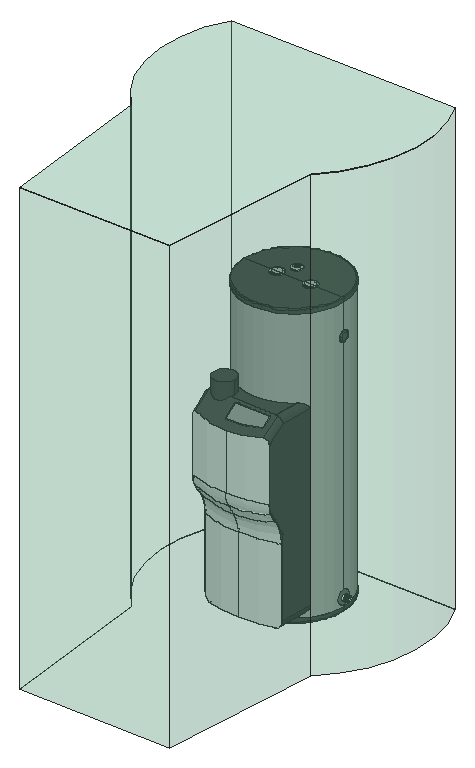
Revit family "Innovo BEFR_IR 24 245 BEFR LP", category Mechanical Equipment, Revit 2015
Parameters (values of type "IR-24-245 BEFR LP")
  largeur d'emballage = 786 mm  # constant formula
  l'Intervalle d'Entretien = "12 mois"  # constant formula
  Workspace Radius = Diameter + 170 mm  # 780 mm
  Workspace Height = Hauteur + 1000 mm  # 2745 mm
  Workspace Front Distance = 1000 mm
  Workspace [instance] = yes
  Valve Height 02 = if(and(Hauteur = 1745 mm, Diameter = 675 mm), 1518 mm, if(and(Hauteur = 1745 mm, Diameter = 610 mm), 1534 mm, if(Hauteur = 1545 mm, 1328 mm, 1070 mm)))  # 1534 mm
  Valve Height 01 = if(and(Diameter > 560 mm), 693 mm, 604 mm)  # 693 mm
  Valeur Maximale du Thermostat de Régulation = 85 °C  # constant formula
  Valeur Manimale du Thermostat de Régulation = 40 °C  # constant formula
  Valeur Défaut du Thermostat de Régulation = 65 °C  # constant formula
  URL = "www.aosmith.be"
  Type d'Installation = "B23/C13/C33/C43/C53/C63"  # constant formula
  Type d'emballage = "Carton et bois"  # constant formula
  Tension d'Alimentation (-15%, +10%) = 230 V  # constant formula
  Température Maximale des Fumées = 65 °C
  Temps de réchauffement à ΔT = 70°C = "38"
  Temps de réchauffement à ΔT = 55°C = "30"
  Temps de réchauffement à ΔT = 50°C = "27"
  Temps de réchauffement à ΔT = 44°C = "24"
  Temps de réchauffement à ΔT = 28°C = "16"
  Spécifications du Produit = ""
  Réglages du thermostat du chauffe-eau = 65 °C  # constant formula
  Réglage Standard Pour = "G20/G25"
  Rendement Saisonnier (Hs) = [Rendement (Hs, acc. NEN-EN 89 - 1999)]  # 96
  Rendement (Hs, acc. NEN-EN 89 - 1999) = 96
  Rendement (Hi, acc. NEN-EN 89 - 1999) = 107
  Raccord Évacuation de la Condensation = 40 mm  # constant formula
  Raccord de la Soupape de Vidange = 1"
  Raccord de Sortie d'Eau Chaude = 1"
  Raccord de Gaz = 15"  # constant formula
  Raccord d'Alimentation en Eau Froide = 3/4"  # constant formula
  Raccord Robinet de Vidange = 3/4"  # constant formula
  Puissance Électrique Absorbée (sommet) = 105 W
  Puissance Électrique Absorbée (nominal) = 85 W
  Profondeur d'emballage = 946 mm  # constant formula
  Profondeur = 780 mm  # constant formula
  Profils de soutirage déclaré = "XXL"
  Production Nominale = "31000.0/25800.0"
  Pression de Fonctionnement Maximale = 800000.0 Pa  # constant formula
  Pression Différentielle d'Ouverture de l'Interrupteur de Pression < = 210.0 Pa
  Pression Amont de Gaz = "2000/2500 Pa"
  Precaustions during assembling, installation or maintenance = "voir Manuel d'installation, d'emploi er d'entretien"  # constant formula
  Poids à vide = 136 kg
  Poids de Transport = 153 kg
  Phase = 1
  Pertes en Veille - tous les jours (24h) = 0 W
  Pertes en Veille = 0 W
  Nombre de modèle du produit (EAN) = "8717449286316"
  Niveau du Son dB (A) = "<45"  # constant formula
  Niveau de puissance acoustique à l'intérieur = "58 dB"
  NOx-émissions mg/kWh = "37.0/27.0"
  NOx-émissions (ven air, 0% O2) ppm = "24.0/17.0"
  Modèdele = "IR-32-285"
  Model = "IR-32-285 FR NAT"
  Marque commerciale = "A.O. Smith"  # constant formula
  Manufacturer = "A.O. Smith Water Products Company b.v."  # constant formula
  Largeur = Diameter  # 610 mm
  La commande intelligente = no
  L'efficacité énergétique pour le chauffage de l'eau (2) = "-"
  L'efficacité énergétique pour le chauffage de l'eau (1) = "90%"
  Hauteur du Raccordement au Gaz = 905 mm
  Hauteur de la Sortie d'eau Chaude = 1745 mm
  Hauteur de l'Alimentation en eau Froide = 170 mm
  Hauteur d'emballage = 1895 mm
  Hauteur Conduit d'Évacuation des Fumées = 1350 mm
  Hauteur Conduit d'Alimentation en Air = 1350 mm
  Hauteur = 1745 mm
  Guide de Produit = ""
  Garantie sur la Cuve = "36 mois"  # constant formula
  Garantie Pièces = "12 mois"  # constant formula
  Fréquence secteur = 50 Hz  # constant formula
  Forctionner qu'en heures creuses = no
  Fabricant No. = "E 7110"  # constant formula
  Epaisseur d'Isolation = 44 mm
  Débit de vidage à ΔT = 70°C après 90 min. = 770.0 L
  Débit de vidage à ΔT = 70°C après 60 min. = 580.0 L
  Débit de vidage à ΔT = 70°C après 30 min. = 390.0 L
  Débit de vidage à ΔT = 70°C après 120 min. = 960.0 L
  Débit de vidage à ΔT = 55°C après 90 min. = 1000.0 L
  Débit de vidage à ΔT = 55°C après 60 min. = 760.0 L
  Débit de vidage à ΔT = 55°C après 30 min. = 520.0 L
  Débit de vidage à ΔT = 55°C après 120 min. = 1300.0 L
  Débit de vidage à ΔT = 50°C après 90 min. = 1200.0 L
  Débit de vidage à ΔT = 50°C après 60 min. = 840.0 L
  Débit de vidage à ΔT = 50°C après 30 min. = 570.0 L
  Débit de vidage à ΔT = 50°C après 120 min. = 1400.0 L
  Débit de vidage à ΔT = 44°C après 90 min. = 1300.0 L
  Débit de vidage à ΔT = 44°C après 60 min. = 960.0 L
  Débit de vidage à ΔT = 44°C après 30 min. = 660.0 L
  Débit de vidage à ΔT = 44°C après 120 min. = 1600.0 L
  Débit de vidage à ΔT = 28°C après 90 min. = 2100.0 L
  Débit de vidage à ΔT = 28°C après 60 min. = 1600.0 L
  Débit de vidage à ΔT = 28°C après 30 min. = 1100.0 L
  Débit de vidage à ΔT = 28°C après 120 min. = 2500.0 L
  Débit de vidage en Continu à ΔT = 70°C = 380.0 L/s
  Débit de vidage en Continu à ΔT = 55°C = 490.0 L/s
  Débit de vidage en Continu à ΔT = 50°C = 540.0 L/s
  Débit de vidage en Continu à ΔT = 44°C = 610.0 L/s
  Débit de vidage en Continu à ΔT = 28°C = 960.0 L/s
  Diamètre Cheminée - Système Parallèle = "2x80"  # constant formula
  Diamètre Cheminée - Système Concentrique = "80/125 mm/mm"  # constant formula
  Diamètre Cheminée - Boiler = "80/125 mm/mm"  # constant formula
  Diameter = 610 mm
  Destination / Country = "Belgique"  # constant formula
  Description = "Préparateur ECS Solaire en Combinaison avec Réservoir de Stockage"  # constant formula
  D'autres profils de soutirage = "-"
  Created By = "http://www.cadcompany.nl/"
  Consommation de Gaz - Volume ltr/hr = "3.10/3.00"
  Consommation de Gaz - Masse kg/h = "a/p"
  Class d'efficacité énergétique (2) = "-"
  Class d'efficacité énergétique (1) = "A"  # constant formula
  Charge Nominale (Valeur Supérieure) = "32200.0/26800.0"
  Charge Nominale (Valeur Inférieure) = "29000.0/24100.0"
  Charge Maximale au Sol = 438 kg
  Catégorie de Gaz = "I2E(S)B"
  Capacité = 285.0 L
  CO2 Émissions (tol. +/- 1.0) vol% = "9.3/7.5"
  CE-PIN = "0063CQ3037"  # constant formula
  BIM Content Developer = "CAD & Company"  # constant formula
  Assembly Code = "D3010"
  Annual fuel consumption (2) = "-"
  Annual fuel consumption (1) = "21 GJ GCV"
  Annual electricity consumption (2) = "-"
  Annual electricity consumption (1) = "48 kWh"
  2ème Entretien (Entretien Général) = "12 mois après l'installation"  # constant formula
  1er Entretien (check-up) = "3 mois après l'installation"  # constant formula
Reference planes
  plane 1 "Center (Front/Back)": y = 0
  plane 2: z = 0
  plane 3 "Center (Left/Right)": x = 0
  plane 4 "Pipe": through (-383.901, 912.349, 194.799) normal (-0.0879, -0.0879, 0.9923)
  plane 5 "footing": y = 118.925
  plane 6 "footing front": y = -237.85
  plane 7: x = -305
  plane 8: x = 305
  plane 9: z = 1745
Forms (mm)
  Revolve 1, solid, material "RAL 9005", detail levels medium+fine
    sketch origin (0, -237.85, 0) x (-1, 0, 0) y (0, 0, 1)
      loop
        line (0, 28.9) -> (-15, 28.9) -> (-15, 26.4) -> (-8.671, 26.4) -> (-8.671, 18) -> (-5.686, 18) -> (-6.626, 17.06) -> (-6.626, 12.06) -> (-8.671, 12.06) -> (-8.671, 10) -> (-10.031, 10) -> (-23.271, 5.181)
        arc (-23.271, 5.181) -> (-23.763, 4.836) -> (-24.017, 4.293) r 1.159
        line (-24.017, 4.293) -> (-24.017, 1.03)
        arc (-24.017, 1.03) -> (-23.715, 0.302) -> (-22.986, 0) r 1.03
        line (-22.986, 0) -> (0, 0) -> (0, 28.9)
      axis (0, 28.9) -> (0, 0)
    angle from 0 to 360
  Revolve 2, solid, material "RAL 9005", detail levels medium+fine
    sketch origin (0, 118.925, 0) x (-1, 0, 0) y (0, 0, 1)
      loop
        line (-205.984, 28.9) -> (-220.984, 28.9) -> (-220.984, 26.4) -> (-214.655, 26.4) -> (-214.655, 18) -> (-211.67, 18) -> (-212.61, 17.06) -> (-212.61, 12.06) -> (-214.655, 12.06) -> (-214.655, 10) -> (-216.015, 10) -> (-229.256, 5.181)
        arc (-229.256, 5.181) -> (-229.747, 4.836) -> (-230.001, 4.293) r 1.159
        line (-230.001, 4.293) -> (-230.001, 1.03)
        arc (-230.001, 1.03) -> (-229.699, 0.302) -> (-228.971, 0) r 1.03
        line (-228.971, 0) -> (-205.984, 0) -> (-205.984, 28.9)
      axis (-205.984, 28.9) -> (-205.984, 0)
    angle from 0 to 360
  Revolve 3, solid, material "RAL 9005", detail levels medium+fine
    sketch origin (0, 118.925, 0) x (-1, 0, 0) y (0, 0, 1)
      loop
        line (204.016, 28.9) -> (189.016, 28.9) -> (189.016, 26.4) -> (195.345, 26.4) -> (195.345, 18) -> (198.33, 18) -> (197.39, 17.06) -> (197.39, 12.06) -> (195.345, 12.06) -> (195.345, 10) -> (193.985, 10) -> (180.744, 5.181)
        arc (180.744, 5.181) -> (180.253, 4.836) -> (179.999, 4.293) r 1.159
        line (179.999, 4.293) -> (179.999, 1.03)
        arc (179.999, 1.03) -> (180.301, 0.302) -> (181.029, 0) r 1.03
        line (181.029, 0) -> (204.016, 0) -> (204.016, 28.9)
      axis (204.016, 28.9) -> (204.016, 0)
    angle from 0 to 360
Lines and regions (mm)
  symbolic lines
    curve 1: line (0, 280.06, 0) -> (0, -280.06, 0)
    curve 2: line (-280.06, 0, 0) -> (280.06, 0, 0)
  symbolic lines, style "Workspace"
    curve 3: line (681.142, 380.06, 0) -> (-681.142, 380.06, 0)
    curve 4: arc (-681.142, 380.06, 0) -> (-777.325, -64.546, 0) -> (-609.127, -487.2, 0) r 780
    curve 5: line (-609.127, -487.2, 0) -> (-421.783, -1517.825, 0)
    curve 6: line (-421.783, -1517.825, 0) -> (424.03, -1517.825, 0)
    curve 7: line (424.03, -1517.825, 0) -> (611.027, -484.816, 0)
    curve 8: arc (611.027, -484.816, 0) -> (777.449, -63.027, 0) -> (681.142, 380.06, 0) r 780
Dimensions and locks
  plane 5 "footing" to plane 1 "Center (Front/Back)" = 118.925 mm
  plane 1 "Center (Front/Back)" to plane 6 "footing front" = 237.85 mm
  "Diameter": plane 7 to plane 8
  equal spacing: plane 7, plane 3 "Center (Left/Right)", plane 8
  "Hauteur": plane 9 to plane 2
  "Workspace Front Distance": curve 6 to nested 3
  "Workspace Radius": radius of curve 4
  "Workspace Radius": radius of curve 8
  aligned and locked: level to plane 2
  aligned and locked: nested 3 to Revolve 1 sketch curve
  aligned and locked: plane 3 "Center (Left/Right)" to Revolve 1 sketch curve
  aligned and locked: nested 3 to plane 1 "Center (Front/Back)"
  aligned and locked: plane 3 "Center (Left/Right)" to nested 3
  aligned and locked: nested 1 to plane 8
  aligned and locked: nested 5 to plane 8
  aligned and locked: nested 2 to plane 7
  aligned and locked: nested 4 to plane 7
  aligned and locked: nested 7 to plane 7
  aligned and locked: nested 8 to plane 3 "Center (Left/Right)"
  aligned and locked: plane 1 "Center (Front/Back)" to nested 8
  aligned and locked: nested 8 to nested 3
  aligned and locked: curve 3 to nested 8
Automatic sketch dimensions
  Revolve 1 sketch curve to level = 0 mm
  plane 3 "Center (Left/Right)" to Revolve 1 sketch curve = 5.686 mm
  Revolve 1 sketch curve to Revolve 1 sketch curve = 0.94 mm  (x2)
  Revolve 1 sketch curve to Revolve 1 sketch curve = 2.046 mm  (x2)
  Revolve 1 sketch curve to Revolve 1 sketch curve = 1.359 mm
  Revolve 1 sketch curve to Revolve 1 sketch curve = 6.329 mm
  level to Revolve 1 sketch curve = 4.091 mm
  Revolve 1 sketch curve to Revolve 1 sketch curve = 12.844 mm
  level to Revolve 1 sketch curve = 1.03 mm
  Revolve 1 sketch curve to Revolve 1 sketch curve = 0.111 mm
  level to Revolve 1 sketch curve = 5.181 mm
  Revolve 1 sketch curve to Revolve 1 sketch curve = 0.745 mm
  level to Revolve 1 sketch curve = 10 mm
  Revolve 1 sketch curve to Revolve 1 sketch curve = 2.06 mm
  Revolve 1 sketch curve to Revolve 1 sketch curve = 5 mm
  Revolve 1 sketch curve to Revolve 1 sketch curve = 8.4 mm
  Revolve 1 sketch curve to Revolve 1 sketch curve = 2.5 mm
  Revolve 1 sketch curve to level = 19.635 mm
  Revolve 1 sketch curve to Revolve 1 sketch curve = 46.465 mm
  Revolve 2 sketch curve to level = 0 mm
  level to Revolve 2 sketch curve = 1.03 mm
  Revolve 2 sketch curve to plane 8 = 74.999 mm
  level to Revolve 2 sketch curve = 5.181 mm
  Revolve 2 sketch curve to Revolve 2 sketch curve = 0.745 mm
  Revolve 2 sketch curve to Revolve 2 sketch curve = 0.397 mm
  Revolve 2 sketch curve to Revolve 2 sketch curve = 8.271 mm
  Revolve 2 sketch curve to Revolve 2 sketch curve = 13.241 mm
  Revolve 2 sketch curve to Revolve 2 sketch curve = 1.359 mm
  Revolve 2 sketch curve to Revolve 2 sketch curve = 6.329 mm
  Revolve 2 sketch curve to Revolve 2 sketch curve = 2.046 mm
  level to Revolve 2 sketch curve = 18 mm
  Revolve 2 sketch curve to Revolve 2 sketch curve = 0.94 mm  (x2)
  Revolve 2 sketch curve to Revolve 2 sketch curve = 8.671 mm
  Revolve 2 sketch curve to Revolve 2 sketch curve = 1.089 mm
  Revolve 2 sketch curve to Revolve 2 sketch curve = 8 mm
  Revolve 2 sketch curve to Revolve 2 sketch curve = 2.06 mm
  Revolve 2 sketch curve to Revolve 2 sketch curve = 8.4 mm
  Revolve 2 sketch curve to Revolve 2 sketch curve = 2.5 mm
  Revolve 2 sketch curve to Revolve 2 sketch curve = 0 mm
  Revolve 2 sketch curve to level = 19.635 mm
  Revolve 2 sketch curve to Revolve 2 sketch curve = 46.465 mm
  Revolve 3 sketch curve to level = 0 mm
  level to Revolve 3 sketch curve = 1.03 mm
  Revolve 3 sketch curve to plane 7 = 125.001 mm
  level to Revolve 3 sketch curve = 5.181 mm
  Revolve 3 sketch curve to Revolve 3 sketch curve = 0.745 mm
  Revolve 3 sketch curve to Revolve 3 sketch curve = 0.397 mm
  Revolve 3 sketch curve to Revolve 3 sketch curve = 8.271 mm
  Revolve 3 sketch curve to Revolve 3 sketch curve = 13.241 mm
  Revolve 3 sketch curve to Revolve 3 sketch curve = 1.359 mm
  Revolve 3 sketch curve to Revolve 3 sketch curve = 6.329 mm
  Revolve 3 sketch curve to Revolve 3 sketch curve = 2.046 mm
  level to Revolve 3 sketch curve = 18 mm
  Revolve 3 sketch curve to Revolve 3 sketch curve = 0.94 mm  (x2)
  Revolve 3 sketch curve to Revolve 3 sketch curve = 8.671 mm
  Revolve 3 sketch curve to Revolve 3 sketch curve = 1.089 mm
  Revolve 3 sketch curve to Revolve 3 sketch curve = 8 mm
  Revolve 3 sketch curve to Revolve 3 sketch curve = 2.06 mm
  Revolve 3 sketch curve to Revolve 3 sketch curve = 8.4 mm
  Revolve 3 sketch curve to Revolve 3 sketch curve = 2.5 mm
  Revolve 3 sketch curve to Revolve 3 sketch curve = 0 mm
  Revolve 3 sketch curve to level = 19.635 mm
  Revolve 3 sketch curve to Revolve 3 sketch curve = 46.465 mm
  curve 4 to curve 8 = 0 mm  (x2)
  plane 1 "Center (Front/Back)" to curve 2 = 0 mm
  curve 1 to plane 3 "Center (Left/Right)" = 0 mm
  plane 1 "Center (Front/Back)" to curve 4 = 0 mm
  curve 4 to plane 3 "Center (Left/Right)" = 0 mm
  curve 5 to plane 6 "footing front" = 249.35 mm
  plane 7 to curve 5 = 116.783 mm
  plane 8 to curve 7 = 119.03 mm
  curve 7 to plane 6 "footing front" = 246.966 mm
  curve 2 to plane 7 = 24.94 mm
  curve 2 to plane 8 = 24.94 mm
  curve 1 to plane 6 "footing front" = 42.21 mm
  plane 5 "footing" to curve 1 = 161.135 mm
Nested families
  nested 1: "Valve" at (305, -0.38, 1534) x (0, 1, 0) z (0, 0, 1), built-in parameter 1001364 <- "Valve Height 02", type "Valve"
  nested 2: "Drain Valve" at (-305, 0, 1534), built-in parameter 1001364 <- "Valve Height 02", type "Drain Valve"
  nested 3: "Housing Mother Housing S 57 (external)" at (0, -299.886, 0), type "Housing Mother_Housing S_57"
    with radius 305 mm, distance to boiler center 154 mm, diameter 610 mm
  nested 4: "Drain Valve" at (-305, 0, 177), type "Drain Valve"
  nested 5: "Drain Valve" at (305, 0, 107) x (-1, 0, 0) z (0, 0, 1), type "Drain Valve"
  nested 6: "Boiler" at (0, 0, 0), height <- "Hauteur", type "Boiler"
    with height 1745 mm, radius 305 mm, Diameter 610 mm
  nested 7: "Drain Valve" at (-305, 0, 693), built-in parameter 1001364 <- "Valve Height 01", type "Drain Valve"
  nested 8: "Innovo_workspace" at (0, 0, 0), Workspace <- "Workspace", Workspace Distance Front <- "Workspace Front Distance", Workspace Height <- "Workspace Height", Workspace Radius <- "Workspace Radius", type "Workspace"
    with Workspace Radius 780 mm, Workspace Height 2745 mm, Workspace Distance Front 1000 mm, Workspace yes, Center to Front 517.825 mm
Connectors
  piping at (339.826, 0, 107), diameter 19.05, driven by "Raccord Robinet de Vidange"
    settings: on nested 5, index 1, connector inside diameter 24", connector length 0 mm, flow factor 0, pipe flow 0.0 L/s, pressure drop 0.0 Pa, fitting loss kfactor 0, connector angle 0.00°, fixture units 0, engagement length 0 mm, angle of deflection 0.00°, flow configuration 0, flow direction 0, fitting loss method 0, system type 19, joint type 0, gender type 0, connector reference index -1, connector utility 0, adjustable connector no, is connector primary yes, connector description ""
  hvac at (-147.013, -346.326, 1310.674)
    settings: on nested 3, index 2, duct flow 0.0 L/s, flow factor 0, pres drop 0.0 Pa, loss coef 0, conn angle 0.00°, conn width 304.8 mm, conn height 304.8 mm, conn diameter 125 mm, duct sys type 4, conn prof type 0, flow config 0, flow direction 0, loss method 0, conn ref index -1, conn util no, is conn primary yes, conn desc ""
Definition of nested family "Valve"
  Parameters (values of type "Valve")
    Type Comments = "T&P valve (internal)"
    Manufacturer = "A.O. Smith"
  Reference planes
    plane 1 "Center (Front/Back)": y = 0
    plane 2: z = 0
    plane 3 "Center (Left/Right)": x = 0
  Forms (mm)
    Extrusion 1, solid, detail levels fine
      sketch origin (0, 0, 0) x (1, 0, 0) y (0, 0, 1)
        loop
          circle (0, 0) r 31.5
      from -2.271 to 1.4
    Sweep 2, solid, detail levels fine
      path origin (0, -1.4, 0) x (1, 0, 0) y (0, 0, 1)
        loop
          circle (0, 0) r 31.5
      profile origin (0, -1.4, 31.5) x (0, 0, -1) y (0, -1, 0)
        loop
          line (7.3, 0) -> (7.3, 3) -> (0, 0) -> (7.3, 0)
  Dimensions and locks
    aligned and locked: level to plane 2
Definition of nested family "Drain Valve"
  Reference planes
    plane 1 "Center (Front/Back)": y = 0
    plane 2: z = 0
    plane 3 "Center (Left/Right)": x = 0
  Forms (mm)
    Revolve 1, solid, detail levels medium+fine
      sketch origin (0, 0, 0) x (1, 0, 0) y (0, 0, 1)
        loop
          line (-33.442, 15.696) -> (-34.826, 14.329) -> (-34.93, 12.731) -> (-16.555, 12.731) -> (-16.555, 0) -> (15.787, 0) -> (15.787, 18.3) -> (-14.4, 18.3) -> (-17.148, 15.533) -> (-18.729, 16.697) -> (-20.091, 15.333) -> (-21.672, 16.496) -> (-23.034, 15.133) -> (-24.614, 16.296) -> (-25.976, 14.932) -> (-27.557, 16.096) -> (-28.919, 14.732) -> (-30.5, 15.896) -> (-31.862, 14.532) -> (-33.442, 15.696)
        axis (-34.93, 0) -> (15.787, 0)
      angle from 0 to 360
  Dimensions and locks
    aligned and locked: level to plane 2
  Nested families
    nested 1: "Rubber sealing" at (2.592, -0.155, 0) x (0.0023, -1, 0) z (0, 0, 1), type "Rubber sealing", detail levels fine
  Definition of nested family "Rubber sealing"
    Reference planes
      plane 1 "Center (Front/Back)": y = 0
      plane 2: z = 0
      plane 3 "Center (Left/Right)": x = 0
    Forms (mm)
      Extrusion 1, solid, detail levels fine
        sketch origin (141.861, 319.581, 0) x (1, 0, 0) y (0, 1, 0)
          loop
            line (-216.354, -311.898) -> (-216.354, -313.94)
            arc (-216.354, -313.94) -> (-141.602, -321.581) -> (-66.861, -313.835) r 366.966
            line (-66.861, -313.835) -> (-66.861, -311.791)
            arc (-66.861, -311.791) -> (-141.602, -319.581) -> (-216.354, -311.898) r 364.966
        from -80 to 80
      Extrusion 2, void
        sketch origin (141.861, 319.581, 0) x (1, 0, 0) y (0, 0, 1)
          loop
            circle (-141.861, 0) r 13
          loop
            circle (-141.861, 0) r 110
          loop
            circle (-141.861, 0) r 40
        from 311.563 to 332.684
      Extrusion 3, void
        sketch origin (141.861, 319.581, 0) x (1, 0, 0) y (0, 0, 1)
          loop
            circle (-141.861, 0) r 18.25
        from 315.524 to 326.084
    Cuts and joins
      Extrusion 2, Extrusion 3 cuts Extrusion 1
    Dimensions and locks
      aligned and locked: level to plane 2
Definition of nested family "Housing Mother Housing S 57 (external)"
  Parameters (values of type "Housing Mother_Housing S_57")
    radius [instance] = 280 mm
    distance to boiler center = if(diameter = 675 mm, 189 mm, if(diameter = 610 mm, 154 mm, 129 mm))  # 129 mm
    diameter = 560 mm
  Reference planes
    plane 1 "Center (Front/Back)": y = 0
    plane 2: z = 0
    plane 3 "Center (Left/Right)": x = 0
    plane 4 "left": through (-245.286, 145.886, 1200) normal (0.9994, 0.0349, 0)
    plane 5: y = -217.939
    plane 6: y = 145.886
    plane 7: z = 1232.6
    plane 8: z = 65.89
    plane 9 "right": through (245.286, 145.886, 1200) normal (0.9994, -0.0349, 0)
    plane 10 "display": through (0, -90.37, 1221.196) normal (0, -0.5736, 0.8192)
    plane 11 "Potentiostat": z = 867.899
    plane 12 "boiler center": y = 274.886
    plane 13: x = -280
    plane 14: x = 280
  Forms (mm)
    Extrusion 1, solid
      sketch origin (0, 0, 0) x (1, 0, 0) y (0, 1, 0)
        loop
          line (-245.286, 145.886) -> (-232.581, -217.939) -> (232.581, -217.939) -> (245.286, 145.886)
          arc (245.286, 145.886) -> (0, 0.923) -> (-245.286, 145.886) r 280
      from 0 to 1232.6
    Sweep 2, void
      path origin (0, 0, 0) x (0, 1, 0) y (0, 0, 1)
        loop
          line (-217.939, 1232.6) -> (-217.939, 795.555)
          arc (-217.939, 795.555) -> (-212.387, 754.285) -> (-197.694, 715.322) r 183.924
          arc (-197.694, 715.322) -> (-179.915, 684.628) -> (-159.106, 655.901) r 348.284
          arc (-159.106, 655.901) -> (-131.411, 600.328) -> (-121.88, 538.973) r 202.254
          line (-121.88, 538.973) -> (-121.88, 61.106)
      profile origin (0, -217.939, 1014.077) x (1, 0, 0) y (0, 1, 0)
        loop
          arc (0, 0) -> (-117.533, 9.941) -> (-231.728, 39.475) r 699.984
          arc (-231.728, 39.475) -> (-233.391, 40.705) -> (-234.07, 42.659) r 3.505
          line (-234.07, 42.659) -> (-254.062, 42.659) -> (-254.062, -142.593) -> (254.07, -142.593) -> (254.07, 42.659) -> (234.07, 42.659)
          arc (234.07, 42.659) -> (233.391, 40.705) -> (231.728, 39.475) r 3.505
          arc (231.728, 39.475) -> (117.533, 9.941) -> (0, 0) r 699.984
    Extrusion 3, void
      sketch origin (0, 0, 0) x (0, 1, 0) y (0, 0, 1)
        loop
          arc (102.864, 70.869) -> (99.804, 70.709) -> (96.874, 69.813) r 12.57
          arc (96.874, 69.813) -> (87.878, 66.533) -> (78.516, 64.529) r 69.114
          arc (78.516, 64.529) -> (76.41, 64.284) -> (74.294, 64.148) r 41.206
          arc (74.294, 64.148) -> (65.203, 64.335) -> (56.122, 64.782) r 318.661
          arc (56.122, 64.782) -> (30.585, 66.179) -> (5.028, 67.128) r 1456.581
          line (5.028, 67.128) -> (-84.534, 73.135)
          arc (-84.534, 73.135) -> (-86.363, 73.808) -> (-87.536, 75.365) r 3.455
          line (-87.536, 75.365) -> (-264.473, 75.365) -> (-264.473, 0) -> (160.886, 0) -> (160.886, 103.945) -> (145.886, 103.945)
          arc (145.886, 103.945) -> (145.104, 97.827) -> (142.923, 92.059) r 26.364
          arc (142.923, 92.059) -> (141.067, 88.936) -> (138.867, 86.045) r 31.715
          arc (138.867, 86.045) -> (135.576, 82.49) -> (132.021, 79.2) r 62.615
          arc (132.021, 79.2) -> (125.841, 74.697) -> (119.091, 71.103) r 54.444
          arc (119.091, 71.103) -> (116.371, 70.272) -> (113.531, 70.123) r 11.669
          line (113.531, 70.123) -> (102.864, 70.869)
      from -254.062 to 254.07
    Sweep 4, void
      path origin (0, 0, 0) x (1, 0, 0) y (0, 1, 0)
        loop
          line (-245.286, 145.886) -> (-232.581, -217.939)
      profile origin (-238.933, -36.027, 0) x (0.999391, 0.034899, 0) y (0, 0, 1)
        loop
          line (-4.454, 0) -> (47.084, 0) -> (47.084, 73.431)
          arc (47.084, 73.431) -> (14.222, 85.134) -> (0.255, 117.1) r 43.922
          line (0.255, 117.1) -> (-4.454, 117.1) -> (-4.454, 0)
    Sweep 5, void
      path origin (0, 0, 0) x (-1, 0, 0) y (0, 1, 0)
        loop
          line (-245.286, 145.886) -> (-232.581, -217.939)
      profile origin (238.933, -36.027, 0) x (0.999391, -0.034899, 0) y (0, 0, 1)
        loop
          line (4.454, 0) -> (4.454, 117.1) -> (-0.255, 117.1)
          arc (-0.255, 117.1) -> (-14.222, 85.134) -> (-47.084, 73.431) r 43.922
          line (-47.084, 73.431) -> (-47.084, 0) -> (4.454, 0)
    Sweep 6, void
      path origin (-239.899, -8.377, 0) x (-0.034899, 0.999391, 0) y (0, 0, 1)
        loop
          line (-209.69, 1141.272) -> (-79.18, 1232.6) -> (154.358, 1232.6)
      profile origin (-241.211, 29.188, 1232.6) x (0, 0, 1) y (0.999391, 0.034899, 0)
        loop
          line (-45, -30) -> (75, -30) -> (75, 0) -> (75, 55) -> (2.799, 55) -> (-1.253, 35.128)
          arc (-1.253, 35.128) -> (-16.771, 9.564) -> (-45, -0.308) r 44.287
          line (-45, -0.308) -> (-45, -30)
    Sweep 7, void
      path origin (239.899, -8.377, 0) x (0.034899, 0.999391, 0) y (0, 0, 1)
        loop
          line (-209.69, 1141.272) -> (-79.18, 1232.6) -> (154.358, 1232.6)
      profile origin (241.211, 29.188, 1232.6) x (0, 0, -1) y (-0.999391, 0.034899, 0)
        loop
          line (-75, -25) -> (45, -25) -> (45, -0.308)
          arc (45, -0.308) -> (16.771, 9.564) -> (1.253, 35.128) r 44.287
          line (1.253, 35.128) -> (-2.799, 55) -> (-75, 55) -> (-75, -25)
    Extrusion 8, void
      sketch origin (0, 0, 0) x (0, 1, 0) y (0, 0, 1)
        loop
          line (-270, 1336.099) -> (-270, 1099.081) -> (68.497, 1336.099) -> (-270, 1336.099)
      from -425.038 to 444.42
    Extrusion 9, solid, detail levels medium+fine
      sketch origin (0, 0, 0) x (1, 0, 0) y (0, 1, 0)
        loop
          circle (-147.013, -46.44) r 65
      from 1163.174 to 1310.674
    Extrusion 10, void
      sketch origin (0, -603.506, 861.895) x (0, 0.819152, 0.573576) y (-1, 0, 0)
        loop
          arc (618.322, -173) -> (623.272, -170.95) -> (625.322, -166) r 7
          line (625.322, -166) -> (625.322, 35)
          arc (625.322, 35) -> (623.272, 39.95) -> (618.322, 42) r 7
          line (618.322, 42) -> (535.473, 42)
          arc (535.473, 42) -> (530.688, 40.11) -> (528.488, 35.46) r 7
          arc (528.488, 35.46) -> (531.569, -67.592) -> (554.18, -168.18) r 540
          arc (554.18, -168.18) -> (556.724, -171.668) -> (560.831, -173) r 7
          line (560.831, -173) -> (618.322, -173)
      from 0 to 137.286
    Sweep 11, solid, detail levels fine
      path origin (0, 0, 867.899) x (-1, 0, 0) y (0, -1, 0)
        loop
          line (309.749, -35.617) -> (204.371, -35.617)
          arc (204.371, -35.617) -> (196.509, -34.687) -> (189.082, -31.947) r 33.677
          line (189.082, -31.947) -> (-9.574, 69.274)
      profile origin (-257.06, 35.617, 867.899) x (0, 1, 0) y (0, 0, 1)
        loop
          circle (0, 0) r 7.316
        loop
          circle (0, 0) r 6.465
    Revolve 12, void
      sketch origin (0, 274.886, 0) x (-1, 0, 0) y (0, 0, 1)
        loop
          line (280, 1243.838) -> (0, 1243.838) -> (0, 54.9) -> (280, 54.9) -> (280, 1243.838)
        axis (0, 1243.838) -> (0, 54.9)
      angle from 0 to 360
  Cuts and joins
    Sweep 2, Extrusion 3, Sweep 4, Sweep 5, Sweep 6, Sweep 7, Extrusion 8, Extrusion 10, Revolve 12 cuts Extrusion 1
  Dimensions and locks
    plane 8 to plane 2 = 65.89 mm
    plane 7 to plane 8 = 1166.71 mm
    "distance to boiler center": plane 12 "boiler center" to plane 6
    "diameter": plane 14 to plane 13
    equal spacing: plane 14, plane 3 "Center (Left/Right)", plane 13
    "radius": plane 3 "Center (Left/Right)" to plane 13
    aligned and locked: level to plane 2
    aligned and locked: Extrusion 1 to plane 7
    aligned and locked: Extrusion 1 sketch curve to plane 5
    aligned and locked: Sweep 2 to Extrusion 3
    aligned and locked: Extrusion 3 to Sweep 2  (x2)
    aligned and locked: plane 7 to Sweep 2 sketch curve
    aligned and locked: plane 3 "Center (Left/Right)" to Revolve 12 sketch curve
    aligned and locked: Revolve 12 sketch curve to plane 3 "Center (Left/Right)"
    aligned and locked: plane 13 to Revolve 12 sketch curve
  Automatic sketch dimensions
    Extrusion 1 sketch curve to plane 4 "left" = 0 mm  (x2)
    Extrusion 1 sketch curve to plane 6 = 0 mm  (x2)
    Extrusion 1 sketch curve to plane 3 "Center (Left/Right)" = 0 mm
    Extrusion 1 sketch curve to plane 9 "right" = 0 mm
    plane 6 to Extrusion 1 sketch curve = 135.037 mm
    Sweep 2 sketch curve to plane 5 = 0 mm
    plane 5 to Sweep 2 sketch curve = 106.195 mm
    Sweep 2 sketch curve to plane 5 = 96.059 mm
    plane 1 "Center (Front/Back)" to Sweep 2 sketch curve = 34.053 mm
    plane 11 "Potentiostat" to Sweep 2 sketch curve = 6.417 mm
    Sweep 2 sketch curve to plane 6 = 33.705 mm
    Sweep 2 sketch curve to plane 11 "Potentiostat" = 68.615 mm
    Sweep 2 sketch curve to plane 11 "Potentiostat" = 72.345 mm
    Sweep 2 sketch curve to Sweep 2 sketch curve = 176.349 mm
    Sweep 2 sketch curve to Sweep 2 sketch curve = 0 mm  (x2)
    plane 8 to Sweep 2 sketch curve = 4.784 mm
    Extrusion 3 sketch curve to level = 0 mm
    Extrusion 3 sketch curve to plane 6 = 0 mm
    Extrusion 3 sketch curve to plane 6 = 26.363 mm
    Extrusion 3 sketch curve to Extrusion 3 sketch curve = 4.75 mm
    Extrusion 3 sketch curve to Extrusion 3 sketch curve = 5.179 mm
    Extrusion 3 sketch curve to plane 8 = 4.232 mm
    Extrusion 3 sketch curve to Extrusion 3 sketch curve = 0.814 mm
    Extrusion 3 sketch curve to plane 8 = 4.978 mm
    Extrusion 3 sketch curve to Extrusion 3 sketch curve = 10.667 mm
    Extrusion 3 sketch curve to Extrusion 3 sketch curve = 0.877 mm
    Extrusion 3 sketch curve to Extrusion 3 sketch curve = 17.827 mm
    Extrusion 3 sketch curve to Extrusion 3 sketch curve = 5.646 mm
    Extrusion 3 sketch curve to plane 6 = 69.562 mm
    Extrusion 3 sketch curve to Extrusion 3 sketch curve = 18.6 mm
    Extrusion 3 sketch curve to Extrusion 3 sketch curve = 22.538 mm
    Extrusion 3 sketch curve to plane 8 = 1.238 mm
    Extrusion 3 sketch curve to plane 1 "Center (Front/Back)" = 5.028 mm
    plane 1 "Center (Front/Back)" to Extrusion 3 sketch curve = 36.224 mm
    Extrusion 3 sketch curve to plane 8 = 10.692 mm
    plane 1 "Center (Front/Back)" to Extrusion 3 sketch curve = 84.302 mm
    Extrusion 3 sketch curve to plane 8 = 7.244 mm
    Extrusion 3 sketch curve to Extrusion 3 sketch curve = 0.231 mm
    Extrusion 3 sketch curve to Extrusion 3 sketch curve = 3.234 mm
    plane 5 to Extrusion 3 sketch curve = 46.534 mm
    plane 6 to Extrusion 3 sketch curve = 15 mm
    Extrusion 3 sketch curve to level = 1388.869 mm
    plane 8 to Extrusion 3 sketch curve = 7.561 mm
    Extrusion 3 sketch curve to Extrusion 3 sketch curve = 11.64 mm
    Extrusion 3 sketch curve to plane 8 = 38.054 mm
    Extrusion 3 sketch curve to Extrusion 3 sketch curve = 22.442 mm
    Extrusion 3 sketch curve to plane 8 = 39.432 mm
    Extrusion 3 sketch curve to Extrusion 3 sketch curve = 2.466 mm
    Extrusion 3 sketch curve to Extrusion 3 sketch curve = 14.17 mm
    Extrusion 3 sketch curve to Extrusion 3 sketch curve = 5.925 mm
    Extrusion 3 sketch curve to Extrusion 3 sketch curve = 6.186 mm
    Extrusion 3 sketch curve to Extrusion 3 sketch curve = 249.85 mm
    Extrusion 3 sketch curve to Extrusion 3 sketch curve = 0 mm  (x4)
    Extrusion 3 sketch curve to Extrusion 3 sketch curve = 6.845 mm
    plane 8 to Extrusion 3 sketch curve = 1.743 mm
    Sweep 4 sketch curve to plane 4 "left" = 0 mm  (x2)
    Sweep 4 sketch curve to plane 6 = 0 mm
    plane 5 to Sweep 4 sketch curve = 0 mm
    Sweep 4 sketch curve to level = 0 mm
    profile plane to Sweep 4 sketch curve = 4.454 mm
    Sweep 4 sketch curve to profile plane = 0.255 mm
    Sweep 4 sketch curve to Sweep 4 sketch curve = 43.922 mm
    Sweep 4 sketch curve to profile plane = 47.084 mm
    level to Sweep 4 sketch curve = 73.431 mm
    Sweep 4 sketch curve to Sweep 4 sketch curve = 43.669 mm
    Sweep 5 sketch curve to plane 6 = 0 mm
    Sweep 5 sketch curve to plane 9 "right" = 0 mm  (x2)
    plane 5 to Sweep 5 sketch curve = 0 mm
    Sweep 5 sketch curve to level = 0 mm
    profile plane to Sweep 5 sketch curve = 47.084 mm
    Sweep 5 sketch curve to Sweep 5 sketch curve = 2.907 mm
    profile plane to Sweep 5 sketch curve = 0.255 mm
    Sweep 5 sketch curve to profile plane = 4.454 mm
    level to Sweep 5 sketch curve = 73.431 mm
    Sweep 5 sketch curve to Sweep 5 sketch curve = 43.669 mm
    Sweep 6 sketch curve to plane 7 = 0 mm
    plane 7 to Sweep 6 sketch curve = 91.328 mm
    Sweep 6 sketch curve to Sweep 6 sketch curve = 130.509 mm
    Sweep 6 sketch curve to Sweep 6 sketch curve = 233.538 mm
    Sweep 6 sketch curve to plane 4 "left" = 0 mm
    profile plane to Sweep 6 sketch curve = 45 mm
    Sweep 6 sketch curve to Sweep 6 sketch curve = 0.354 mm
    profile plane to Sweep 6 sketch curve = 1.253 mm
    Sweep 6 sketch curve to profile plane = 2.799 mm
    Sweep 6 sketch curve to Sweep 6 sketch curve = 72.201 mm
    Sweep 6 sketch curve to plane 4 "left" = 0.308 mm
    Sweep 6 sketch curve to Sweep 6 sketch curve = 29.692 mm
    plane 4 "left" to Sweep 6 sketch curve = 35.128 mm
    plane 4 "left" to Sweep 6 sketch curve = 55 mm
    Sweep 7 sketch curve to plane 7 = 0 mm
    Sweep 7 sketch curve to plane 7 = 91.328 mm
    Sweep 7 sketch curve to Sweep 7 sketch curve = 130.509 mm
    Sweep 7 sketch curve to Sweep 7 sketch curve = 233.538 mm
    Sweep 7 sketch curve to plane 9 "right" = 25 mm
    profile plane to Sweep 7 sketch curve = 75 mm
    profile plane to Sweep 7 sketch curve = 2.799 mm
    Sweep 7 sketch curve to profile plane = 1.253 mm
    Sweep 7 sketch curve to Sweep 7 sketch curve = 43.393 mm
    Sweep 7 sketch curve to profile plane = 45 mm
    Sweep 7 sketch curve to plane 9 "right" = 0.308 mm
    plane 9 "right" to Sweep 7 sketch curve = 35.128 mm
    Sweep 7 sketch curve to Sweep 7 sketch curve = 19.872 mm
    plane 5 to Extrusion 8 sketch curve = 52.061 mm
    Extrusion 8 sketch curve to plane 1 "Center (Front/Back)" = 68.497 mm
    plane 7 to Extrusion 8 sketch curve = 133.519 mm
    Extrusion 8 sketch curve to plane 7 = 103.499 mm
    plane 1 "Center (Front/Back)" to Extrusion 9 sketch curve = 46.44 mm
    Extrusion 9 sketch curve to plane 3 "Center (Left/Right)" = 147.013 mm
    Extrusion 10 sketch curve to plane 3 "Center (Left/Right)" = 0 mm
    Extrusion 10 sketch curve to plane 3 "Center (Left/Right)" = 35 mm
    Extrusion 10 sketch curve to Extrusion 10 sketch curve = 25.359 mm
    Extrusion 10 sketch curve to Extrusion 10 sketch curve = 57.491 mm
    Extrusion 10 sketch curve to plane 3 "Center (Left/Right)" = 42 mm
    Extrusion 10 sketch curve to Extrusion 10 sketch curve = 82.85 mm
    Extrusion 10 sketch curve to Extrusion 10 sketch curve = 7 mm
    Extrusion 10 sketch curve to Extrusion 10 sketch curve = 442 mm
    plane 3 "Center (Left/Right)" to Extrusion 10 sketch curve = 166 mm
    Extrusion 10 sketch curve to Extrusion 10 sketch curve = 0 mm  (x2)
    Sweep 11 sketch curve to plane 1 "Center (Front/Back)" = 31.947 mm
    Sweep 11 sketch curve to plane 3 "Center (Left/Right)" = 189.082 mm
    Sweep 11 sketch curve to plane 1 "Center (Front/Back)" = 1.94 mm
    Sweep 11 sketch curve to Sweep 11 sketch curve = 15.289 mm
    plane 3 "Center (Left/Right)" to Sweep 11 sketch curve = 9.574 mm
    Sweep 11 sketch curve to Sweep 11 sketch curve = 105.378 mm
    plane 1 "Center (Front/Back)" to Sweep 11 sketch curve = 69.274 mm
    Sweep 11 sketch curve to Sweep 11 sketch curve = 0 mm  (x2)
    Sweep 11 sketch curve to plane 11 "Potentiostat" = 0 mm
    Sweep 11 sketch curve to profile plane = 0 mm
    plane 8 to Revolve 12 sketch curve = 10.99 mm
    Revolve 12 sketch curve to plane 7 = 11.238 mm
    Revolve 12 sketch curve to level = 366.045 mm
    Revolve 12 sketch curve to Revolve 12 sketch curve = 971.917 mm
    Sweep 2 sketch curve to plane 3 "Center (Left/Right)" = 0 mm
    profile plane to Sweep 2 sketch curve = 0 mm
    Sweep 2 sketch curve to plane 3 "Center (Left/Right)" = 0.016 mm
    Sweep 2 sketch curve to profile plane = 42.782 mm  (x2)
    Sweep 2 sketch curve to plane 3 "Center (Left/Right)" = 230.568 mm
    plane 3 "Center (Left/Right)" to Sweep 2 sketch curve = 0.016 mm
    plane 3 "Center (Left/Right)" to Sweep 2 sketch curve = 230.568 mm
    Sweep 2 sketch curve to Sweep 2 sketch curve = 3.502 mm  (x2)
    Sweep 2 sketch curve to Sweep 2 sketch curve = 20 mm
    profile plane to Sweep 2 sketch curve = 142.593 mm
    Sweep 2 sketch curve to Sweep 2 sketch curve = 0.122 mm  (x2)
    Sweep 2 sketch curve to Sweep 2 sketch curve = 657.203 mm
    Sweep 2 sketch curve to Sweep 2 sketch curve = 19.991 mm
    radius of Extrusion 9 sketch curve = 65 mm
    radius of Sweep 11 sketch curve = 7.316 mm
    radius of Sweep 11 sketch curve = 6.465 mm
  Nested families
    nested 1: "display" at (65.5, -130.939, 1192.79) x (-1, 0, 0) z (0, -0.5736, 0.8192), type "display"
  Definition of nested family "display"
    Parameters (values of type "display")
      Default Elevation = 1219.2 mm
    Reference planes
      plane 1 "Center (Front/Back)": y = 0
      plane 2: z = 0
      plane 3 "Center (Left/Right)": x = 0
    Forms (mm)
      Extrusion 1, solid, detail levels medium+fine
        sketch origin (-16.958, 11.842, -343.878) x (1, 0, 0) y (0, 0, -1)
          loop
            line (-233.523, -343.878) -> (-233.523, -346.592) -> (332.686, -346.592) -> (332.686, -343.878) -> (-233.523, -343.878)
        from -228.7 to 150.822
      Extrusion 2, void
        sketch origin (-16.958, 6.842, -343.878) x (1, 0, 0) y (0, 1, 0)
          loop
            line (-233.523, 155.822) -> (-233.523, -223.7) -> (332.686, -223.7) -> (332.686, 155.822) -> (-233.523, 155.822)
          loop
            arc (-90.542, -48.267) -> (-88.492, -53.216) -> (-83.542, -55.267) r 7
            line (-83.542, -55.267) -> (117.458, -55.267)
            arc (117.458, -55.267) -> (122.408, -53.216) -> (124.458, -48.267) r 7
            line (124.458, -48.267) -> (124.458, 34.583)
            arc (124.458, 34.583) -> (122.568, 39.368) -> (117.918, 41.568) r 7
            arc (117.918, 41.568) -> (14.866, 38.487) -> (-85.722, 15.876) r 540
            arc (-85.722, 15.876) -> (-89.21, 13.332) -> (-90.542, 9.224) r 7
            line (-90.542, 9.224) -> (-90.542, -48.267)
        from 328.878 to 363.083
    Cuts and joins
      Extrusion 2 cuts Extrusion 1
    Dimensions and locks
      aligned and locked: level to plane 2
Definition of nested family "Boiler"
  Parameters (values of type "Boiler")
    radius [instance] = 280 mm
    height [instance] = 1270 mm
    Diameter = 560 mm
  Reference planes
    plane 1 "Center (Front/Back)": y = 0
    plane 2: z = 0
    plane 3 "Center (Left/Right)": x = 0
    plane 4: z = 1243.838
    plane 5: z = 1270
    plane 6 "bottom": z = 28.9
    plane 7: z = 54.9
    plane 8 "top controle": y = 88
    plane 9: x = -280
    plane 10: x = 280
  Forms (mm)
    Revolve 1, solid
      sketch origin (0, 0, 0) x (1, 0, 0) y (0, 0, 1)
        loop
          line (0, 54.9) -> (-280, 54.9) -> (-280, 32.9)
          arc (-280, 32.9) -> (-278.828, 30.072) -> (-276, 28.9) r 4
          line (-276, 28.9) -> (0, 28.9) -> (0, 54.9)
        axis (0, 28.9) -> (0, 54.9)
      angle from 0 to 360
    Revolve 2, solid
      sketch origin (1.311, 0, 0) x (1, 0, 0) y (0, 0, 1)
        loop
          line (-278.86, 1243.838) -> (-278.86, 54.9) -> (-1.311, 54.9) -> (-1.311, 1243.838) -> (-278.86, 1243.838)
        axis (-1.311, 1243.838) -> (-1.311, 54.9)
      angle from 0 to 360
    Revolve 3, solid
      sketch origin (-9.205, 0, 377.212) x (-1, 0, 0) y (0, 0, 1)
        loop
          line (-148.904, 892.788) -> (-110.805, 892.788) -> (-110.805, 895.963) -> (-141.883, 895.963) -> (-148.904, 893.62) -> (-148.904, 892.788)
        axis (-110.805, 892.788) -> (-110.805, 895.963)
      angle from 0 to 360
    Revolve 4, solid
      sketch origin (0, 0, 718.065) x (1, 0, 0) y (0, 0, -1)
        loop
          line (0, -525.773) -> (-280, -525.773) -> (-280, -547.935)
          arc (-280, -547.935) -> (-278.828, -550.763) -> (-276, -551.935) r 4
          line (-276, -551.935) -> (0, -551.935) -> (0, -525.773)
        axis (0, -551.935) -> (0, -525.773)
      angle from 0 to 360
    Revolve 5, solid
      sketch origin (0, 88, 0) x (1, 0, 0) y (0, 0, 1)
        loop
          line (-19.051, 1270) -> (-19.051, 1271.074) -> (-32.63, 1275.604) -> (-32.63, 1271.117) -> (-37.266, 1271.117) -> (-38.383, 1270) -> (-19.051, 1270)
        axis (-50.8, 1270) -> (-50.8, 1275.604)
      angle from 0 to 360
    Revolve 6, solid
      sketch origin (-217.12, 0, 372.245) x (-1, 0, 0) y (0, 0, 1)
        loop
          line (-153.622, 897.755) -> (-115.52, 897.755) -> (-115.52, 900.93) -> (-146.626, 900.93) -> (-153.622, 898.596) -> (-153.622, 897.755)
        axis (-115.52, 897.755) -> (-115.52, 900.93)
      angle from 0 to 360
  Dimensions and locks
    "height": plane 5 to plane 2
    plane 6 "bottom" to plane 2 = 28.9 mm
    locked: plane 5 to plane 4 at 26.162
    locked: plane 1 "Center (Front/Back)" to plane 8 "top controle" at 88
    "Diameter": plane 10 to plane 9
    equal spacing: plane 10, plane 3 "Center (Left/Right)", plane 9
    "radius": plane 3 "Center (Left/Right)" to plane 9
    locked: plane 9 to Revolve 2 sketch curve at 2.452
    aligned and locked: level to plane 2
    aligned and locked: Revolve 2 sketch curve to plane 7
    aligned and locked: Revolve 2 sketch curve to plane 4
    aligned and locked: Revolve 1 sketch curve to plane 7
    aligned and locked: plane 6 "bottom" to Revolve 1 sketch curve
    aligned and locked: Revolve 4 sketch curve to plane 3 "Center (Left/Right)"
    aligned and locked: plane 5 to Revolve 4 sketch curve
    aligned and locked: Revolve 4 sketch curve to plane 4
    aligned and locked: plane 9 to Revolve 4 sketch curve
    aligned and locked: Revolve 1 sketch curve to plane 9
    aligned and locked: Revolve 2 sketch curve to plane 3 "Center (Left/Right)"
    aligned and locked: plane 3 "Center (Left/Right)" to Revolve 2 sketch curve
  Automatic sketch dimensions
    Revolve 1 sketch curve to plane 3 "Center (Left/Right)" = 0 mm  (x2)
    Revolve 1 sketch curve to Revolve 1 sketch curve = 4 mm
    Revolve 1 sketch curve to level = 40 mm
    Revolve 1 sketch curve to Revolve 1 sketch curve = 305.1 mm
    Revolve 2 sketch curve to level = 366.045 mm
    Revolve 2 sketch curve to plane 5 = 945.755 mm
    Revolve 3 sketch curve to plane 5 = 0 mm
    Revolve 3 sketch curve to plane 3 "Center (Left/Right)" = 139.699 mm
    plane 5 to Revolve 3 sketch curve = 3.175 mm
    Revolve 3 sketch curve to Revolve 3 sketch curve = 7.022 mm
    Revolve 3 sketch curve to Revolve 3 sketch curve = 31.078 mm
    Revolve 3 sketch curve to Revolve 3 sketch curve = 0.832 mm
    Revolve 3 sketch curve to Revolve 3 sketch curve = 0 mm
    Revolve 3 sketch curve to Revolve 3 sketch curve = 2.338 mm
    Revolve 3 sketch curve to Revolve 3 sketch curve = 4.487 mm
    Revolve 4 sketch curve to plane 3 "Center (Left/Right)" = 0 mm
    Revolve 4 sketch curve to Revolve 4 sketch curve = 4 mm
    Revolve 4 sketch curve to Revolve 4 sketch curve = 68.738 mm
    Revolve 4 sketch curve to Revolve 4 sketch curve = 305.1 mm
    Revolve 6 sketch curve to plane 5 = 0 mm
    plane 3 "Center (Left/Right)" to Revolve 6 sketch curve = 63.497 mm
    plane 5 to Revolve 6 sketch curve = 3.175 mm
    Revolve 6 sketch curve to Revolve 6 sketch curve = 6.997 mm
    Revolve 6 sketch curve to Revolve 6 sketch curve = 31.106 mm
    Revolve 6 sketch curve to Revolve 6 sketch curve = 0.84 mm
    Revolve 6 sketch curve to Revolve 6 sketch curve = 0 mm
    Revolve 6 sketch curve to Revolve 6 sketch curve = 7.216 mm
    Revolve 6 sketch curve to Revolve 6 sketch curve = 0.391 mm
    Revolve 5 sketch curve to Revolve 5 sketch curve = 13.578 mm
    Revolve 5 sketch curve to Revolve 5 sketch curve = 1.074 mm
    Revolve 5 sketch curve to Revolve 5 sketch curve = 12.417 mm
    Revolve 5 sketch curve to Revolve 5 sketch curve = 5.753 mm
    Revolve 5 sketch curve to plane 5 = 1.117 mm
    Revolve 5 sketch curve to Revolve 5 sketch curve = 1.117 mm
    plane 5 to Revolve 5 sketch curve = 4.396 mm
    Revolve 5 sketch curve to plane 5 = 0 mm
    Revolve 5 sketch curve to Revolve 5 sketch curve = 4.487 mm
    Revolve 5 sketch curve to plane 3 "Center (Left/Right)" = 38.383 mm
    Revolve 5 sketch curve to plane 5 = 5.604 mm
Definition of nested family "Innovo_workspace"
  Parameters (values of type "Workspace")
    Workspace Radius [instance] = 730 mm
    Workspace Height [instance] = 2270 mm
    Workspace Distance Front [instance] = 1000 mm
    Workspace [instance] = yes
    URL = "www.aosmith.nl"
    Model = ""
    Manufacturer = "A.O. Smith Water Products Company b.v."  # constant formula
    Description = ""
    Created By = ""
    Center to Front [instance] = 492.825 mm
    BIM Content Developer = "CAD & Company"  # constant formula
    Assembly Code = ""
  Reference planes
    plane 1 "Center (Front/Back)": y = 0
    plane 2: z = 0
    plane 3 "Center (Left/Right)": x = 0
    plane 4 "Pipe": through (-383.901, 912.349, 194.799) normal (-0.0879, -0.0879, 0.9923)
    plane 5 "front": y = -492.825
  Forms (mm)
    Extrusion 1, solid, visible <- "Workspace"
      sketch origin (0, 0, 0) x (1, 0, 0) y (0, 1, 0)
        loop
          line (456.53, -1492.825) -> (500.201, -531.695)
          arc (500.201, -531.695) -> (723.44, -97.643) -> (623.261, 380.06) r 730
          line (623.261, 380.06) -> (-623.261, 380.06)
          arc (-623.261, 380.06) -> (-723.227, -99.209) -> (-497.893, -533.856) r 730
          line (-497.893, -533.856) -> (-454.283, -1492.825) -> (456.53, -1492.825)
      from 0 to 2270 <- "Workspace Height"
  Lines and regions (mm)
    symbolic lines
      curve 1: line (0, 280.06, 0) -> (0, -280.06, 0)
      curve 2: line (-255.06, 0, 0) -> (255.06, 0, 0)
  Dimensions and locks
    locked: Extrusion 1 sketch curve to curve 1 at 100
    "Workspace Distance Front": plane 5 "front" to Extrusion 1
    "Center to Front": plane 1 "Center (Front/Back)" to plane 5 "front"
    "Workspace Radius": radius of Extrusion 1 sketch curve  (x2)
    aligned and locked: level to plane 2
  Automatic sketch dimensions
    plane 1 "Center (Front/Back)" to curve 2 = 0 mm
    curve 1 to plane 3 "Center (Left/Right)" = 0 mm
    plane 3 "Center (Left/Right)" to curve 2 = 255.06 mm
    curve 1 to plane 1 "Center (Front/Back)" = 280.06 mm
    curve 2 to plane 3 "Center (Left/Right)" = 255.06 mm
    plane 5 "front" to curve 1 = 212.765 mm
    Extrusion 1 sketch curve to Extrusion 1 sketch curve = 0 mm  (x2)
    plane 1 "Center (Front/Back)" to Extrusion 1 sketch curve = 0 mm
    Extrusion 1 sketch curve to plane 3 "Center (Left/Right)" = 0 mm
    Extrusion 1 sketch curve to plane 5 "front" = 41.031 mm
    Extrusion 1 sketch curve to plane 3 "Center (Left/Right)" = 454.283 mm
    plane 3 "Center (Left/Right)" to Extrusion 1 sketch curve = 456.53 mm
    Extrusion 1 sketch curve to plane 5 "front" = 38.869 mm
    Extrusion 1 sketch curve to Extrusion 1 sketch curve = 961.131 mm
